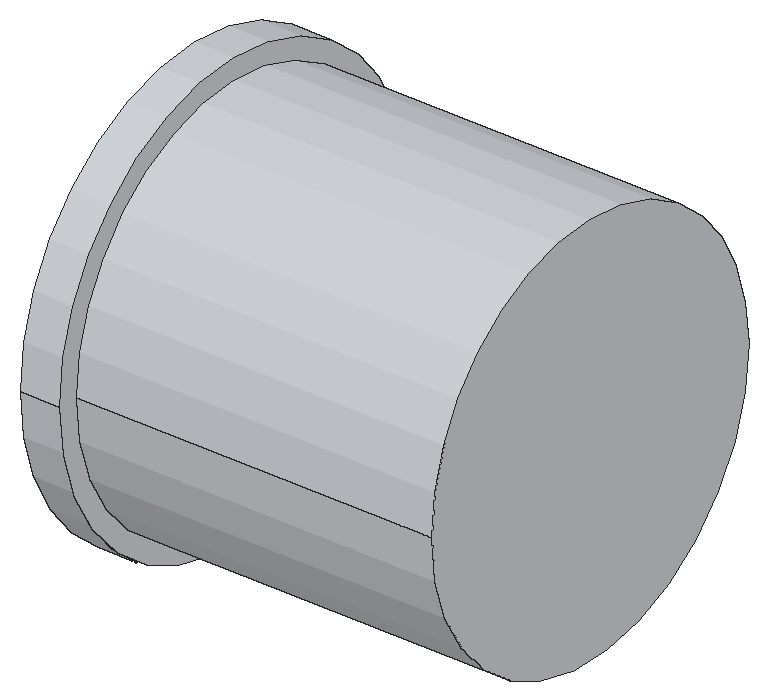
Revit family "68d2e6bb4b894cb2a65a9bd03e871181", category Conduit Fittings, Revit 2021
Family settings
  Round Connector Dimension = Use Radius
  Part Type = Cap
  OmniClass Number = 23.80.30.17.11
  OmniClass Title = Conduits
  Work Plane-Based = No
  Always vertical = Yes
  Cut with Voids When Loaded = No
  Shared = No
Parameters (values of type "Standard")
  Radius 1 [instance] = Fitting Outside Radius * 1.1  # 0.594"
  Nominal Radius [instance] = 1/4"
  Nominal Diameter [instance] = Nominal Radius * 2  # 1/2"
  Length 1 [instance] = Length * 0.1  # 0.1078"
  Length [instance] = size_lookup(Conduit Size Lookup, "Lgt", 0.43 * Nominal Diameter + 1 9/128", Nominal Diameter)  # 1.078"
  Fitting Outside Radius [instance] = Fitting Outside Diameter / 2  # 0.54"
  Fitting Outside Diameter [instance] = size_lookup(Conduit Size Lookup, "FOD", 1.14 * Nominal Diameter + 1/2", Nominal Diameter)  # 1.08"
  Default Elevation = 0' - 0"
  Conduit Size Lookup = "Conduit Cap - PVC"
Reference planes (in)
  plane 1 "Center (Front/Back)": y = 0
  plane 2: z = 0
  plane 3 "Center (Left/Right)": x = 0
  plane 4: x = 1.078
  plane 5: x = 0.1078
Forms (in)
  Extrusion 1, solid, detail levels fine
    sketch origin (0, 0, 0) x (0, 1, 0) y (0, 0, 1)
      loop
        circle (0, 0) r 0.54
    from 0 to 1.078
  Extrusion 2, solid, detail levels fine
    sketch origin (0, 0, 0) x (0, 1, 0) y (0, 0, 1)
      loop
        circle (0, 0) r 0.594
    from 0 to 0.1078
Cuts and joins
  joined: Extrusion 1, Extrusion 2
Lines and regions (in)
  model lines, detail levels coarse+medium
    curve 1: line (0, 0, 0) -> (1.078, 0, 0)
Dimensions and locks (in)
  "Length": plane 3 "Center (Left/Right)" to plane 4
  "Length 1": plane 3 "Center (Left/Right)" to plane 5
  "Fitting Outside Radius": radius of Extrusion 1 sketch curve
  "Radius 1": radius of Extrusion 2 sketch curve
  aligned and locked: plane 3 "Center (Left/Right)" to curve 1
  aligned and locked: plane 4 to curve 1
  aligned and locked: plane 1 "Center (Front/Back)" to curve 1
  aligned and locked: plane 1 "Center (Front/Back)" to Extrusion 1 sketch curve
  aligned and locked: plane 2 to Extrusion 1 sketch curve
  aligned and locked: Extrusion 1 to plane 3 "Center (Left/Right)"
  aligned and locked: plane 4 to Extrusion 1
  aligned and locked: plane 2 to Extrusion 2 sketch curve
  aligned and locked: plane 1 "Center (Front/Back)" to Extrusion 2 sketch curve
  aligned and locked: Extrusion 2 to plane 3 "Center (Left/Right)"
  aligned and locked: plane 5 to Extrusion 2
Connectors (in)
  cabletrayconduit at (0, 0, 0), diameter 0.5, driven by "Nominal Radius"
    settings: on cut or joined group of Extrusion 1, Extrusion 2, index 1, connector width 1' - 0", connector height 1' - 0", connector angle 0.00°, system type 32, placement type 0, profile type 0, connector reference index -1, is primary connector yes, connector utility param no, connector description ""
